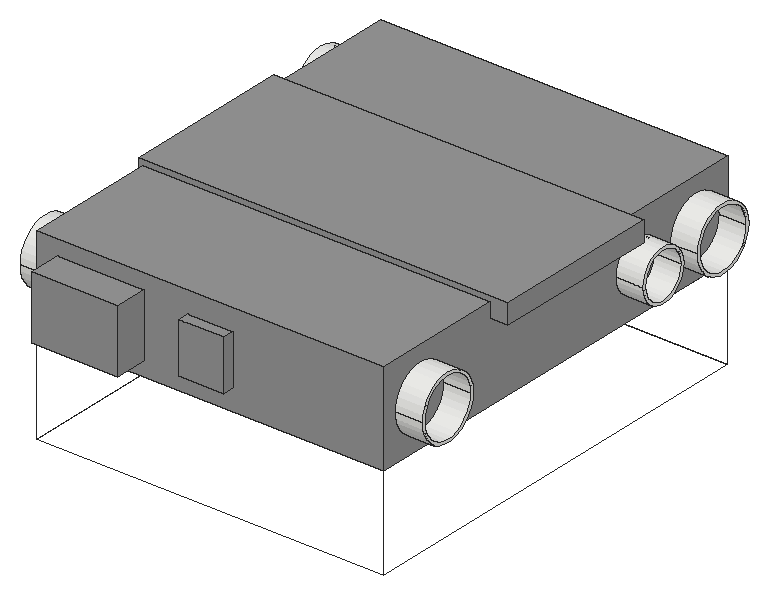
Revit family "OPUS-XBOX2", category Mechanical Equipment, Revit 2015
Parameters
  Width = 685 mm
  Weight = 25.00 kg
  Voltage = if(Electrical Phase = 3, 400 V, 230 V)  # 230 V
  Unit Description = "Heat Recovery Unit"
  Supply Air Flow [instance] = 0.0 m³/s
  Supply Air External Static Pressure [instance] = 0.0 Pa
  Starting Current = 0.7 A
  Specific Fan Power at Design Duty [instance] = "0.0"
  Revit Family Last Revised = "IfcAirToAirHeatRecoveryType"
  Quote Reference [instance] = ""
  Project Reference [instance] = ""
  Order Reference [instance] = ""
  OmniClass Title = "Centrifugal fans"
  OmniClass Number = "23-33 31 19 13"
  Number of Connection Poles = 2
  Nuaire Model Code = "OPUS-XBOX"
  Nominal Motor Rating = 0.12 kW
  Manufacturer Name = "Nuaire"  # constant formula
  Location Reference [instance] = ""
  Length = 850 mm
  IFCExportAs = "IfcAirToAirHeatRecoveryType"
  I&M Manual = "http://www.nuaire.co.uk/iandm/nl/671333.pdf"
  Height = 185 mm
  Full Load Current = 0.7 A
  Show Access Clearance [instance] = yes
  Model Drawn by = "Michael Grote"  # constant formula
  Maximum Ambient Temperature = 40 °C
  Extract Air Flow [instance] = 0.0 m³/s
  URL = "http://www.nuaire.co.uk"
  Warranty Period = "5 Years"
  Weatherproof or Internal Only = "Internal"
  Manufacturer = Manufacturer Name  # "Nuaire"
  Extract Air External Static Pressure [instance] = 0.0 Pa
  Electrical Phase = 1
  Description = Unit Description  # "Heat Recovery Unit"
  Classification.Uniclass.Pr.Number = "Pr_65_67_29_12"
  Classification.Uniclass.Pr.Description = "Centrifugal fans"
  Catalogue Pages = "http://www.nuaire.co.uk/catalog/nl/AHU-OPUSXBOX.pdf"
  Apparent Load = Voltage * Full Load Current  # 161 VA
  Address = "Western Industrial Estate, Caerphilly, UK"  # constant formula
  Postcode = "CF83 1NA"  # constant formula
  Telephone Number = "+44(0)2920-858-200"  # constant formula
  Fax Number = "+44(0)2920-858-222"  # constant formula
  Email Address = "info@nuaire.co.uk"  # constant formula
  VAT Registration Number = "877308"  # constant formula
  Model = Nuaire Model Code  # "OPUS-XBOX"
Reference planes
  plane 1 "Center (Front/Back)": y = 0
  plane 2: z = 0
  plane 3 "Center (Left/Right)": x = 0
  plane 4: x = 342.5
  plane 5: x = -342.5
  plane 6: y = 425
  plane 7: y = -425
  plane 8: z = 185
  plane 9: z = 92.5
  plane 10: x = -227.062
  plane 11: x = -77.822
  plane 12: x = 77.822
  plane 13: x = 227.062
  plane 14: y = 345.456
  plane 15: y = 198
  plane 16: y = -334.644
Forms (mm)
  Extrusion 1, solid, material "Aluzinc"
    sketch origin (0, 0, 0) x (1, 0, 0) y (0, 1, 0)
      loop
        line (-342.5, 425) -> (-342.5, -425) -> (342.5, -425) -> (342.5, 425) -> (-342.5, 425)
    from 0 to 185
  Extrusion 2, solid, material "Aluzinc"
    sketch origin (0, 0, 0) x (0, 1, 0) y (0, 0, 1)
      loop
        line (172.404, 155.229) -> (172.404, 195) -> (-161.701, 195) -> (-161.701, 155.229) -> (172.404, 155.229)
    from -352.325 to 378.478
  Extrusion 3, solid, material "White Plastic"
    sketch origin (0, 0, 0) x (0, 1, 0) y (0, 0, 1)
      loop
        circle (-334.644, 92.5) r 62.5
      loop
        circle (198, 92.5) r 50
      loop
        circle (345.456, 92.5) r 62.5
      loop
        circle (198, 92.5) r 45
      loop
        circle (345.456, 92.5) r 57.5
      loop
        circle (-334.644, 92.5) r 57.5
    from 342.5 to 397.5
  Extrusion 4, solid, material "White Plastic"
    sketch origin (0, 0, 0) x (0, 1, 0) y (0, 0, -1)
      loop
        circle (-334.644, -92.5) r 62.5
      loop
        circle (198, -92.5) r 50
      loop
        circle (345.456, -92.5) r 62.5
      loop
        circle (198, -92.5) r 45
      loop
        circle (345.456, -92.5) r 57.5
      loop
        circle (-334.644, -92.5) r 57.5
    from 342.5 to 397.5
  Extrusion 5, solid, material "White Plastic"
    sketch origin (0, 30, 0) x (1, 0, 0) y (0, 0, 1)
      loop
        circle (-227.062, 92.5) r 50
      loop
        circle (-77.822, 92.5) r 50
      loop
        circle (77.822, 92.5) r 50
      loop
        circle (227.062, 92.5) r 50
      loop
        circle (77.822, 92.5) r 45
      loop
        circle (-77.822, 92.5) r 45
      loop
        circle (-227.062, 92.5) r 45
      loop
        circle (227.062, 92.5) r 45
    from -450 to -395
  Extrusion 6, solid, material "Aluzinc"
    sketch origin (0, 0, 0) x (1, 0, 0) y (0, 1, 0)
      loop
        line (-44.286, -425) -> (-44.286, -447.29) -> (44.286, -447.29) -> (44.286, -425) -> (-44.286, -425)
    from 42.5 to 142.5
  Extrusion 7, solid, material "Access Clearance - General", visible <- "Show Access Clearance"
    sketch origin (0, 0, 0) x (1, 0, 0) y (0, 1, 0)
      loop
        line (-342.5, 425) -> (-342.5, -425) -> (342.5, -425) -> (342.5, 425) -> (-342.5, 425)
    from 0 to -185
  Extrusion 8, solid, material "Aluzinc"
    sketch origin (0, 0, 0) x (-1, 0, 0) y (0, -1, 0)
      loop
        line (130.703, 425) -> (301.319, 425) -> (301.319, 490) -> (130.703, 490) -> (130.703, 425)
    from 30 to 155
Dimensions and locks
  equal spacing: plane 5, plane 3 "Center (Left/Right)", plane 4
  "Width": plane 5 to plane 4
  equal spacing: plane 6, plane 1 "Center (Front/Back)", plane 7
  "Length": plane 6 to plane 7
  equal spacing: plane 8, plane 9, level
  "Height": plane 8 to plane 2
  aligned and locked: level to plane 2
  aligned and locked: plane 5 to Extrusion 7 sketch curve
  aligned and locked: Extrusion 7 sketch curve to plane 4
  aligned and locked: Extrusion 7 sketch curve to plane 6
  aligned and locked: plane 7 to Extrusion 7 sketch curve
Automatic sketch dimensions
  Extrusion 1 sketch curve to plane 5 = 0 mm
  Extrusion 1 sketch curve to plane 4 = 0 mm
  plane 7 to Extrusion 1 sketch curve = 0 mm
  Extrusion 1 sketch curve to plane 6 = 0 mm
  Extrusion 2 sketch curve to plane 8 = 29.771 mm
  plane 1 "Center (Front/Back)" to Extrusion 2 sketch curve = 161.701 mm
  plane 8 to Extrusion 2 sketch curve = 10 mm
  plane 15 to Extrusion 2 sketch curve = 25.596 mm
  Extrusion 3 sketch curve to Extrusion 3 sketch curve = 0 mm  (x6)
  Extrusion 3 sketch curve to plane 9 = 0 mm  (x3)
  Extrusion 3 sketch curve to plane 16 = 0 mm
  Extrusion 3 sketch curve to plane 15 = 0 mm
  Extrusion 3 sketch curve to plane 14 = 0 mm
  Extrusion 4 sketch curve to Extrusion 4 sketch curve = 0 mm  (x6)
  Extrusion 4 sketch curve to plane 9 = 0 mm  (x3)
  Extrusion 4 sketch curve to plane 16 = 0 mm
  Extrusion 4 sketch curve to plane 15 = 0 mm
  Extrusion 4 sketch curve to plane 14 = 0 mm
  Extrusion 5 sketch curve to Extrusion 5 sketch curve = 0 mm  (x8)
  Extrusion 5 sketch curve to plane 9 = 0 mm  (x4)
  Extrusion 5 sketch curve to plane 10 = 0 mm
  Extrusion 5 sketch curve to plane 11 = 0 mm
  Extrusion 5 sketch curve to plane 12 = 0 mm
  Extrusion 5 sketch curve to plane 13 = 0 mm
  plane 7 to Extrusion 6 sketch curve = 0 mm
  plane 11 to Extrusion 6 sketch curve = 33.536 mm
  Extrusion 6 sketch curve to plane 12 = 33.536 mm
  plane 7 to Extrusion 6 sketch curve = 22.29 mm
  plane 7 to Extrusion 8 sketch curve = 0 mm
  plane 11 to Extrusion 8 sketch curve = 52.881 mm
  plane 5 to Extrusion 8 sketch curve = 41.181 mm
  Extrusion 8 sketch curve to plane 7 = 65 mm
  radius of Extrusion 3 sketch curve = 62.5 mm  (x2)
  radius of Extrusion 3 sketch curve = 50 mm
  radius of Extrusion 3 sketch curve = 45 mm
  radius of Extrusion 3 sketch curve = 57.5 mm  (x2)
  radius of Extrusion 4 sketch curve = 62.5 mm  (x2)
  radius of Extrusion 4 sketch curve = 50 mm
  radius of Extrusion 4 sketch curve = 45 mm
  radius of Extrusion 4 sketch curve = 57.5 mm  (x2)
  radius of Extrusion 5 sketch curve = 50 mm  (x4)
  radius of Extrusion 5 sketch curve = 45 mm  (x4)
Nested families
  nested 1: "label_nuaire_logo" at (33.203, -276.701, 185), type "label_nuaire_logo"
    with Scale Factor 809.142 mm, Actual Scale 283.2 mm
Connectors
  hvac at (-397.5, 345.456, 92.5), driven by "Extract Air Flow"
    settings: on Extrusion 4, index 1, duct flow 0.0 m³/s, flow factor 0, pres drop 0.0 Pa, loss coef 0, conn angle 0.00°, conn width 304.8 mm, conn height 304.8 mm, conn diameter 125 mm, duct sys type 1, conn prof type 0, flow config 0, flow direction 2, loss method 0, conn ref index -1, conn util no, is conn primary yes, conn desc "Extract from Room"
  hvac at (-397.5, 198, 92.5), driven by "Extract Air Flow"
    settings: on Extrusion 4, index 2, duct flow 0.0 m³/s, flow factor 0, pres drop 0.0 Pa, loss coef 0, conn angle 0.00°, conn width 304.8 mm, conn height 304.8 mm, conn diameter 100 mm, duct sys type 1, conn prof type 0, flow config 0, flow direction 2, loss method 0, conn ref index -1, conn util no, is conn primary no, conn desc "Extract from Room"
  hvac at (-397.5, -334.644, 92.5), driven by "Supply Air Flow"
    settings: on Extrusion 4, index 3, duct flow 0.0 m³/s, flow factor 0, pres drop 0.0 Pa, loss coef 0, conn angle 0.00°, conn width 304.8 mm, conn height 304.8 mm, conn diameter 125 mm, duct sys type 1, conn prof type 0, flow config 1, flow direction 1, loss method 0, conn ref index -1, conn util no, is conn primary no, conn desc "Fresh Air Intake"
  hvac at (-77.822, 480, 92.5), driven by "Extract Air Flow"
    settings: on Extrusion 5, index 4, duct flow 0.0 m³/s, flow factor 0, pres drop 0.0 Pa, loss coef 0, conn angle 0.00°, conn width 304.8 mm, conn height 304.8 mm, conn diameter 100 mm, duct sys type 1, conn prof type 0, flow config 0, flow direction 2, loss method 0, conn ref index -1, conn util no, is conn primary no, conn desc "Extract from Room"
  hvac at (-227.062, 480, 92.5), driven by "Extract Air Flow"
    settings: on Extrusion 5, index 5, duct flow 0.0 m³/s, flow factor 0, pres drop 0.0 Pa, loss coef 0, conn angle 0.00°, conn width 304.8 mm, conn height 304.8 mm, conn diameter 100 mm, duct sys type 1, conn prof type 0, flow config 0, flow direction 2, loss method 0, conn ref index -1, conn util no, is conn primary no, conn desc "Extract from Room"
  hvac at (77.822, 480, 92.5)
    settings: on Extrusion 5, index 6, duct flow 0.0 m³/s, flow factor 0, pres drop 0.0 Pa, loss coef 0, conn angle 0.00°, conn width 304.8 mm, conn height 304.8 mm, conn diameter 100 mm, duct sys type 1, conn prof type 0, flow config 0, flow direction 2, loss method 0, conn ref index -1, conn util no, is conn primary no, conn desc "Supply to Room"
  hvac at (227.062, 480, 92.5)
    settings: on Extrusion 5, index 7, duct flow 0.0 m³/s, flow factor 0, pres drop 0.0 Pa, loss coef 0, conn angle 0.00°, conn width 304.8 mm, conn height 304.8 mm, conn diameter 100 mm, duct sys type 1, conn prof type 0, flow config 0, flow direction 2, loss method 0, conn ref index -1, conn util no, is conn primary no, conn desc "Supply to Room"
  hvac at (397.5, 345.456, 92.5)
    settings: on Extrusion 3, index 8, duct flow 0.0 m³/s, flow factor 0, pres drop 0.0 Pa, loss coef 0, conn angle 0.00°, conn width 304.8 mm, conn height 304.8 mm, conn diameter 125 mm, duct sys type 1, conn prof type 0, flow config 0, flow direction 2, loss method 0, conn ref index -1, conn util no, is conn primary no, conn desc "Supply to Room"
  hvac at (397.5, 198, 92.5)
    settings: on Extrusion 3, index 9, duct flow 0.0 m³/s, flow factor 0, pres drop 0.0 Pa, loss coef 0, conn angle 0.00°, conn width 304.8 mm, conn height 304.8 mm, conn diameter 100 mm, duct sys type 1, conn prof type 0, flow config 0, flow direction 2, loss method 0, conn ref index -1, conn util no, is conn primary no, conn desc "Supply to Room"
  hvac at (397.5, -334.644, 92.5), driven by "Extract Air Flow"
    settings: on Extrusion 3, index 10, duct flow 0.0 m³/s, flow factor 0, pres drop 0.0 Pa, loss coef 0, conn angle 0.00°, conn width 304.8 mm, conn height 304.8 mm, conn diameter 125 mm, duct sys type 3, conn prof type 0, flow config 1, flow direction 2, loss method 0, conn ref index -1, conn util no, is conn primary no, conn desc "Discharge to Atmosphere"
  electrical at (0, -447.29, 92.5), driven by "Voltage", driven by "Apparent Load", driven by "Number of Connection Poles"
    settings: on Extrusion 6, index 11, voltage 230 V, apparent load 161 VA, apparent load phase1 0 VA, apparent load phase2 0 VA, apparent load phase3 0 VA, power factor 1, load classification "Other", number of poles 2, system type 30, power factor state 1, is connector primary yes, connector utility no, sub classification motor no, connector description "Power Supply"
Definition of nested family "label_nuaire_logo"
  Parameters
    Scale Factor [instance] = Scale * 452  # 452 mm
    Scale = 1 mm
    Actual Scale [instance] = Scale Factor * 0.35  # 158.2 mm
  Reference planes
    plane 1 "Center (Front/Back)": y = 0
    plane 2: z = 0
    plane 3 "Center (Left/Right)": x = 0
  Lines and regions (mm)
    reference lines
      curve 1: line (79.1, -32.13, 0) -> (79.1, 30, 0)
      curve 2: line (-79.1, -32.13, 0) -> (-79.1, 30, 0)
  Dimensions and locks
    equal spacing: curve 2, plane 3 "Center (Left/Right)", curve 1
    "Actual Scale": curve 2 to curve 1
    aligned and locked: level to plane 2
  Automatic sketch dimensions
    plane 1 "Center (Front/Back)" to curve 2 = 32.13 mm
    plane 1 "Center (Front/Back)" to curve 1 = 32.13 mm
    curve 2 to plane 1 "Center (Front/Back)" = 30 mm
    curve 1 to plane 1 "Center (Front/Back)" = 30 mm
  Nested families
    nested 1: "logo_stage2" at (10, 0, 0), type "logo_stage2"
  Definition of nested family "logo_stage2"
    Parameters
      Height = 452 mm
    Reference planes
      plane 1 "Center (Front/Back)": y = 0
      plane 2: z = 0
      plane 3 "Center (Left/Right)": x = 0
    Dimensions and locks
      aligned and locked: level to plane 2
    Nested families
      nested 1: "logo_stage1" at (0, 0, 0), type "logo_stage1"
    Definition of nested family "logo_stage1"
      Parameters
        Height = 1300 mm
      Reference planes
        plane 1 "Center (Front/Back)": y = 0
        plane 2: z = 0
        plane 3 "Center (Left/Right)": x = 0
      Lines and regions (mm)
        model lines
          curve 1: arc (7.927, 29.489, 0) -> (-47.363, 58.16, 0) -> (-106.604, 77.382, 0) r 378.77
          curve 2: arc (-106.604, 77.382, 0) -> (-163.216, 86.224, 0) -> (-220.277, 81.007, 0) r 233.393
          curve 3: arc (-246.965, 20.991, 0) -> (-215.043, -15.792, 0) -> (-174.42, -42.657, 0) r 179.785
          curve 4: arc (-174.42, -42.657, 0) -> (-107.072, -70.342, 0) -> (-36.955, -89.99, 0) r 623.693
          curve 5: arc (-36.955, -89.99, 0) -> (-105.996, -69.023, 0) -> (-170.812, -37.319, 0) r 451.207
          curve 6: arc (-170.812, -37.319, 0) -> (-200.304, -16.562, 0) -> (-226.197, 8.542, 0) r 230.474
          curve 7: arc (-206.815, 72.232, 0) -> (-163.659, 78.527, 0) -> (-120.226, 74.571, 0) r 185.468
          curve 8: arc (-120.226, 74.571, 0) -> (-54.126, 57.782, 0) -> (7.927, 29.489, 0) r 381.393
          curve 9: line (-161.219, -24.259, 0) -> (-141.514, -24.259, 0)
          curve 10: line (-141.514, -24.259, 0) -> (-136.798, 0, 0)
          curve 11: arc (-136.798, 0, 0) -> (-133.437, 8.115, 0) -> (-125.322, 11.477, 0) r 11.477
          curve 12: arc (-125.322, 11.477, 0) -> (-118.479, 7.762, 0) -> (-117.869, 0, 0) r 8.158
          curve 13: line (-117.869, 0, 0) -> (-122.146, -24.259, 0)
          curve 14: line (-122.146, -24.259, 0) -> (-102.441, -24.259, 0)
          curve 15: line (-102.441, -24.259, 0) -> (-97.309, 4.849, 0)
          curve 16: arc (-97.309, 4.849, 0) -> (-99.379, 18.095, 0) -> (-110.885, 24.977, 0) r 15.794
          curve 17: arc (-110.885, 24.977, 0) -> (-122.995, 23.787, 0) -> (-133.701, 18.002, 0) r 30.821
          curve 18: line (-133.701, 18.002, 0) -> (-132.598, 24.255, 0)
          curve 19: line (-161.219, -24.259, 0) -> (-152.664, 24.255, 0)
          curve 20: line (-152.664, 24.255, 0) -> (-132.598, 24.255, 0)
          curve 21: line (-80.79, 24.255, 0) -> (-86.175, -3.448, 0)
          curve 22: arc (-86.175, -3.448, 0) -> (-83.467, -16.761, 0) -> (-72.138, -24.259, 0) r 17.751
          curve 23: arc (-72.138, -24.259, 0) -> (-59.938, -25.434, 0) -> (-47.739, -24.259, 0) r 63.934
          curve 24: arc (-47.739, -24.259, 0) -> (-34.611, -17.57, 0) -> (-27.023, -4.941, 0) r 26.727
          curve 25: line (-27.023, -4.941, 0) -> (-21.348, 24.255, 0)
          curve 26: line (-21.348, 24.255, 0) -> (-41.053, 24.255, 0)
          curve 27: line (-41.053, 24.255, 0) -> (-46.093, -1.676, 0)
          curve 28: arc (-46.093, -1.676, 0) -> (-50.186, -8.91, 0) -> (-57.808, -12.224, 0) r 13.097
          curve 29: arc (-57.808, -12.224, 0) -> (-64.693, -9.158, 0) -> (-65.742, -1.695, 0) r 7.773
          curve 30: line (-65.742, -1.695, 0) -> (-61.166, 24.255, 0)
          curve 31: line (-61.166, 24.255, 0) -> (-80.79, 24.255, 0)
          curve 32: arc (31.54, 19.236, 0) -> (16.208, 25.528, 0) -> (0, 22.075, 0) r 28.07
          curve 33: arc (0, 22.075, 0) -> (-10.88, 12.774, 0) -> (-17.338, 0, 0) r 36.434
          curve 34: arc (-17.338, 0, 0) -> (-15.613, -14.796, 0) -> (-4.047, -24.183, 0) r 19.761
          curve 35: arc (-4.047, -24.183, 0) -> (10.741, -24.948, 0) -> (24.166, -18.699, 0) r 30.688
          curve 36: line (24.166, -18.699, 0) -> (23.117, -24.098, 0)
          curve 37: line (23.117, -24.098, 0) -> (43.271, -24.098, 0)
          curve 38: line (43.271, -24.098, 0) -> (51.797, 24.255, 0)
          curve 39: line (51.797, 24.255, 0) -> (32.515, 24.255, 0)
          curve 40: line (32.515, 24.255, 0) -> (31.54, 19.236, 0)
          curve 41: arc (27.176, -3.213, 0) -> (27.314, 5.536, 0) -> (19.984, 10.314, 0) r 9.053
          curve 42: arc (19.984, 10.314, 0) -> (10.965, 8.578, 0) -> (4.044, 2.54, 0) r 17.627
          curve 43: arc (4.044, 2.54, 0) -> (3.437, -5.353, 0) -> (9.873, -9.961, 0) r 8.063
          curve 44: arc (9.873, -9.961, 0) -> (19.716, -9.642, 0) -> (27.176, -3.213, 0) r 14.789
          curve 45: line (64.987, 24.255, 0) -> (85.001, 24.255, 0)
          curve 46: line (85.001, 24.255, 0) -> (76.475, -24.098, 0)
          curve 47: line (76.475, -24.098, 0) -> (56.461, -24.098, 0)
          curve 48: line (56.461, -24.098, 0) -> (64.987, 24.255, 0)
          curve 49: line (97.733, 24.255, 0) -> (117.438, 24.255, 0)
          curve 50: line (117.438, 24.255, 0) -> (116.079, 16.546, 0)
          curve 51: arc (116.079, 16.546, 0) -> (127.306, 23.283, 0) -> (140.3, 24.886, 0) r 31.571
          curve 52: line (140.3, 24.886, 0) -> (137.316, 7.965, 0)
          curve 53: arc (137.316, 7.965, 0) -> (129.144, 9.507, 0) -> (120.972, 7.965, 0) r 22.429
          curve 54: arc (120.972, 7.965, 0) -> (114.704, 2.976, 0) -> (112.337, -4.677, 0) r 13.585
          curve 55: line (112.337, -4.677, 0) -> (108.912, -24.098, 0)
          curve 56: line (108.912, -24.098, 0) -> (89.207, -24.098, 0)
          curve 57: line (89.207, -24.098, 0) -> (97.733, 24.255, 0)
          curve 58: arc (93.618, 47.57, 0) -> (74.854, 53.038, 0) -> (55.359, 51.64, 0) r 55.33
          curve 59: arc (93.618, 47.57, 0) -> (97.282, 41.659, 0) -> (93.618, 35.747, 0) r 6.601
          curve 60: arc (93.618, 35.747, 0) -> (84.065, 32.23, 0) -> (73.978, 30.85, 0) r 47.065
          curve 61: arc (73.978, 30.85, 0) -> (80.846, 32.41, 0) -> (86.601, 36.47, 0) r 18.116
          curve 62: arc (86.601, 36.47, 0) -> (88.036, 41.905, 0) -> (84.218, 46.03, 0) r 5.836
          curve 63: arc (84.218, 46.03, 0) -> (70.224, 51.08, 0) -> (55.359, 51.64, 0) r 48.391
          curve 64: line (157.905, -2.864, 0) -> (199.286, -2.864, 0)
          curve 65: arc (199.286, -2.864, 0) -> (197.145, 14.652, 0) -> (182.34, 24.255, 0) r 20.852
          curve 66: arc (182.34, 24.255, 0) -> (165.366, 23.801, 0) -> (149.457, 17.863, 0) r 51.614
          curve 67: arc (149.457, 17.863, 0) -> (140.348, 5.451, 0) -> (139.348, -9.912, 0) r 27.469
          curve 68: arc (139.348, -9.912, 0) -> (144.958, -19.523, 0) -> (155.103, -24.098, 0) r 18.276
          curve 69: arc (155.103, -24.098, 0) -> (178.591, -23.478, 0) -> (196.981, -8.856, 0) r 37.046
          curve 70: line (196.981, -8.856, 0) -> (178.291, -8.856, 0)
          curve 71: arc (178.291, -8.856, 0) -> (168.439, -13.819, 0) -> (158.586, -8.856, 0) r 12.261
          curve 72: arc (158.586, -8.856, 0) -> (157.442, -5.951, 0) -> (157.905, -2.864, 0) r 6.023
          curve 73: line (199.286, -2.864, 0) -> (157.905, -2.864, 0)
          curve 74: line (159.772, 7.114, 0) -> (183.418, 7.114, 0)
          curve 75: arc (183.418, 7.114, 0) -> (171.595, 14.487, 0) -> (159.772, 7.114, 0) r 13.165
          curve 76: arc (-206.815, 72.232, 0) -> (-234.166, 45.761, 0) -> (-226.197, 8.542, 0) r 39.242
          curve 77: arc (-220.277, 81.007, 0) -> (-248.829, 57.762, 0) -> (-246.965, 20.991, 0) r 40.723
      Dimensions and locks
        aligned and locked: level to plane 2
